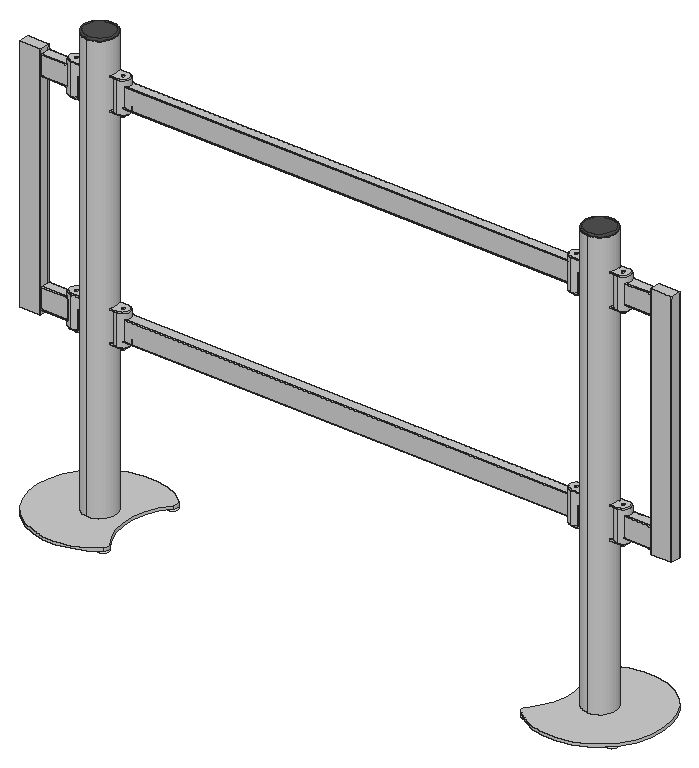
Revit family "PQR-441-ANC", category Furniture, Revit 2021
Family settings
  OmniClass Number = 23.40.20.00
  OmniClass Title = General Furniture and Specialties
  Work Plane-Based = No
  Always vertical = Yes
  Cut with Voids When Loaded = No
  Shared = No
  Room Calculation Point = No
Parameters
  W = 4' - 0"
  Frame [instance] = CEN_Frame_Metallic Silver Powdercoat (MS)
  Model = "PQR-441-ANC"
  End pieces on/off R [instance] = yes
  End pieces on/off L [instance] = yes
  Default Elevation = 0' - 0"
Reference planes (in)
  plane 1 "Center Front/Back": y = 0
  plane 2: z = 0
  plane 3 "Center Left/Right": x = 0
  plane 4: x = -24
  plane 5: x = 24
  plane 6: x = -17.5
  plane 7: x = 17.5
  plane 8: x = 21.5
Forms (in)
  Extrusion 1, solid, material "CEN_Frame_Metallic Silver Powdercoat (MS)" <- "Frame"
    sketch origin (-29.29168, 0.50272, 36.0271) x (0, -1, 0) y (0, 0, 1)
      loop
        line (1, 0) -> (1, 1.78554)
        arc (1, 1.78554) -> (0.98091, 1.83163) -> (0.93482, 1.85072) r 0.06518
        line (0.93482, 1.85072) -> (0.06518, 1.85072)
        arc (0.06518, 1.85072) -> (0.01909, 1.83163) -> (0, 1.78554) r 0.06518
        line (0, 1.78554) -> (0, 0)
        arc (0, 0) -> (0.01909, -0.04609) -> (0.06518, -0.06518) r 0.06518
        line (0.06518, -0.06518) -> (0.93482, -0.06518)
        arc (0.93482, -0.06518) -> (0.98091, -0.04609) -> (1, 0) r 0.06518
      loop
        line (1, -20.08373) -> (1, -18.21446)
        arc (1, -18.21446) -> (0.98091, -18.16837) -> (0.93482, -18.14928) r 0.06518
        line (0.93482, -18.14928) -> (0.06518, -18.14928)
        arc (0.06518, -18.14928) -> (0.01909, -18.16837) -> (0, -18.21446) r 0.06518
        line (0, -18.21446) -> (0, -20.08373)
        arc (0, -20.08373) -> (0.01909, -20.12982) -> (0.06518, -20.14891) r 0.06518
        line (0.06518, -20.14891) -> (0.93482, -20.14891)
        arc (0.93482, -20.14891) -> (0.98091, -20.12982) -> (1, -20.08373) r 0.06518
    from -7.93603 to -50.79168
Dimensions and locks (in)
  equal spacing: plane 4, plane 3 "Center Left/Right", plane 5
  "W": plane 4 to plane 5
  locked: plane 7 to plane 5 at 6.5
  locked: plane 6 to plane 4 at 6.5
  locked: plane 8 to plane 5 at 2.5
  aligned and locked: level to plane 2
  aligned and locked: plane 4 to nested 1
  aligned and locked: nested 2 to plane 5
  aligned and locked: plane 8 to Extrusion 1
Automatic sketch dimensions
  Extrusion 1 sketch curve to nested 1 = 0' - 0.06518"  (x3)
  Extrusion 1 sketch curve to Extrusion 1 sketch curve = 0' - 0.06518"
  radius of Extrusion 1 sketch curve to nested 1 = 0' - 0"  (x4)
Nested families (in)
  nested 1: "PQR-341-post " at (-24, 0, 0) x (0, 1, 0) z (0, 0, 1), END KIT <- "End pieces on/off L", type "PQR-341-post "
  nested 2: "PQR-341-post " at (24, 0, 0) x (0, 1, 0) z (0, 0, 1), END KIT <- "End pieces on/off R", type "PQR-341-post "
Definition of nested family "PQR-341-post "
  Parameters (values of type "PQR-341-post ")
    plastic button = none
    Post = none
    END KIT [instance] = no
    Default Elevation = 0' - 0"
  Types (2): name
    PQR-341-post
    NOT END KIT
  Reference planes (in)
    plane 1 "Center Front/Back": y = 0
    plane 2: z = 0
    plane 3 "Center Left/Right": x = 0
    plane 4: z = 41.62154
    plane 5: z = 41.43404
    plane 6: z = 38.43918
    plane 7: z = 35.46343
    plane 8: z = 38.31958
    plane 9: z = 35.34626
    plane 10: z = 35.0779
    plane 11: z = 34.93741
    plane 12: z = 18.43657
    plane 13: z = 18.31697
    plane 14: z = 38.28685
    plane 15: z = 15.46357
    plane 16: z = 37.79482
    plane 17: z = 17.87782
    plane 18: z = 15.87818
  Forms (in)
    Extrusion 1, solid, material <- "Post"
      sketch origin (-0.02853, -0.08679, 0) x (1, 0, 0) y (0, 1, 0)
        loop
          arc (-3.79412, 4.14027) -> (-4.14981, 4.24664) -> (-4.48079, 4.07846) r 0.5
          arc (-4.48079, 4.07846) -> (0.03357, -5.88186) -> (4.53637, 4.0837) r 6.00161
          arc (4.53637, 4.0837) -> (4.20519, 4.25149) -> (3.84963, 4.14471) r 0.5
          arc (3.84963, 4.14471) -> (0.02853, 2.80874) -> (-3.79412, 4.14027) r 6.14269
      from 0.18657 to 0.43657
    Extrusion 2, solid, material <- "plastic button"
      sketch origin (0, 0, 0) x (1, 0, 0) y (0, 1, 0)
        loop
          circle (0, 0) r 1.5
      from 41.43404 to 41.62154
    Extrusion 3, solid, material <- "Post", visible <- "END KIT"
      sketch origin (0, 0, 0) x (1, 0, 0) y (0, 1, 0)
        loop
          circle (0.00169, -2.23449) r 0.6875
      from 35.46343 to 38.31958
    Extrusion 4, solid, material <- "Post"
      sketch origin (0, 0, 0) x (1, 0, 0) y (0, 1, 0)
        loop
          circle (0.00169, 2.23449) r 0.11265
        loop
          circle (0.00169, -2.23449) r 0.11265
        loop
          line (0.61497, -2.23449) -> (0.61497, 2.23449)
          arc (0.61497, 2.23449) -> (0.00169, 2.84777) -> (-0.61159, 2.23449) r 0.61328
          line (-0.61159, 2.23449) -> (-0.61159, -2.23449)
          arc (-0.61159, -2.23449) -> (0.00169, -2.84777) -> (0.61497, -2.23449) r 0.61328
      from 38.31958 to 38.43918
    Extrusion 5, solid, material <- "Post"
      sketch origin (0, 0, 0) x (1, 0, 0) y (0, 1, 0)
        loop
          circle (0.00169, 2.23449) r 0.11265
        loop
          circle (0.00169, -2.23449) r 0.11265
        loop
          line (0.61497, -2.23449) -> (0.61497, 2.23449)
          arc (0.61497, 2.23449) -> (0.00169, 2.84777) -> (-0.61159, 2.23449) r 0.61328
          line (-0.61159, 2.23449) -> (-0.61159, -2.23449)
          arc (-0.61159, -2.23449) -> (0.00169, -2.84777) -> (0.61497, -2.23449) r 0.61328
      from 35.34626 to 35.46343
    Extrusion 6, solid, material <- "Post"
      sketch origin (0, 0, 0) x (1, 0, 0) y (0, 1, 0)
        loop
          line (0.06349, 1.95369) -> (0.27562, 2.14947) -> (0.21213, 2.43108) -> (-0.06349, 2.5169) -> (-0.27562, 2.32111) -> (-0.21213, 2.0395) -> (0.06349, 1.95369)
        loop
          circle (0.00169, 2.23449) r 0.11265
      from 35.0779 to 35.34626
    Extrusion 7, solid, material <- "Post", visible <- "END KIT"
      sketch origin (0, 0, 0) x (1, 0, 0) y (0, 1, 0)
        loop
          circle (0.00169, -2.23449) r 0.11265
      from 34.93741 to 38.43918
    Sweep 8, void
      path in 3D
        loop
          arc (1.5, 0, 41.62154) -> (0, -1.5, 41.62154) -> (-1.5, 0, 41.62154) r 1.5
          arc (-1.5, 0, 41.62154) -> (0, 1.5, 41.62154) -> (1.5, 0, 41.62154) r 1.5
      profile origin (0, 1.5, 41.62154) x (0, 1, 0) y (0, 0, 1)
        loop
          line (0, -0.12486) -> (0.05983, -0.12486) -> (0.05983, 0) -> (-0.12486, 0)
          arc (-0.12486, 0) -> (-0.03657, -0.03657) -> (0, -0.12486) r 0.12486
    Extrusion 9, solid, material <- "Post"
      sketch origin (0, 0, 0) x (1, 0, 0) y (0, 1, 0)
        loop
          circle (0.00169, 2.23449) r 0.11265
      from 34.93741 to 38.43918
    Extrusion 10, solid, material <- "Post"
      sketch origin (0, 0, -20) x (1, 0, 0) y (0, 1, 0)
        loop
          circle (0.00169, 2.23449) r 0.11265
        loop
          circle (0.00169, -2.23449) r 0.11265
        loop
          line (0.61497, -2.23449) -> (0.61497, 2.23449)
          arc (0.61497, 2.23449) -> (0.00169, 2.84777) -> (-0.61159, 2.23449) r 0.61328
          line (-0.61159, 2.23449) -> (-0.61159, -2.23449)
          arc (-0.61159, -2.23449) -> (0.00169, -2.84777) -> (0.61497, -2.23449) r 0.61328
      from 38.31697 to 38.43657
    Extrusion 11, solid, material <- "Post"
      sketch origin (0, 0, -20) x (1, 0, 0) y (0, 1, 0)
        loop
          circle (0.00169, 2.23449) r 0.11265
        loop
          circle (0.00169, -2.23449) r 0.11265
        loop
          line (0.61497, -2.23449) -> (0.61497, 2.23449)
          arc (0.61497, 2.23449) -> (0.00169, 2.84777) -> (-0.61159, 2.23449) r 0.61328
          line (-0.61159, 2.23449) -> (-0.61159, -2.23449)
          arc (-0.61159, -2.23449) -> (0.00169, -2.84777) -> (0.61497, -2.23449) r 0.61328
      from 35.34365 to 35.46082
    Extrusion 12, solid, material <- "Post", visible <- "END KIT"
      sketch origin (0, 0, -20) x (1, 0, 0) y (0, 1, 0)
        loop
          circle (0.00169, -2.23449) r 0.11265
      from 34.9348 to 38.43657
    Extrusion 13, solid, material <- "Post"
      sketch origin (0, 0, -20) x (1, 0, 0) y (0, 1, 0)
        loop
          circle (0.00169, 2.23449) r 0.11265
      from 34.9348 to 38.43657
    Extrusion 14, solid
      sketch origin (-0.02853, -0.08679, 0) x (1, 0, 0) y (0, 1, 0)
        loop
          circle (-4.10805, 3.76384) r 0.48854
        loop
          circle (4.16511, 3.76384) r 0.48854
        loop
          circle (-3.62282, -3.98401) r 0.48854
        loop
          circle (3.67988, -3.98401) r 0.48854
      from 0 to 0.18657
    Extrusion 15, solid, material <- "Post"
      sketch origin (0, 0, 0) x (1, 0, 0) y (0, 1, 0)
        loop
          circle (0, 0) r 1.5
      from 0.43657 to 41.43404
    Extrusion 16, solid, material <- "Post", visible <- "END KIT"
      sketch origin (0, 0, 0) x (1, 0, 0) y (0, 1, 0)
        loop
          line (0.44955, -5.29168) -> (-0.44411, -5.29168)
          arc (-0.44411, -5.29168) -> (-0.4817, -5.30725) -> (-0.49728, -5.34485) r 0.05317
          line (-0.49728, -5.34485) -> (-0.49728, -7.23851)
          arc (-0.49728, -7.23851) -> (-0.4817, -7.27611) -> (-0.44411, -7.29168) r 0.05317
          line (-0.44411, -7.29168) -> (0.44955, -7.29168)
          arc (0.44955, -7.29168) -> (0.48715, -7.27611) -> (0.50272, -7.23851) r 0.05317
          line (0.50272, -7.23851) -> (0.50272, -5.34485)
          arc (0.50272, -5.34485) -> (0.48715, -5.30725) -> (0.44955, -5.29168) r 0.05317
      from 15.46357 to 38.28685
    Extrusion 17, solid, material <- "Post", visible <- "END KIT"
      sketch origin (0, 0, 0) x (1, 0, 0) y (0, 0, 1)
        loop
          line (-0.43209, 35.96191) -> (0.43754, 35.96191)
          arc (0.43754, 35.96191) -> (0.48363, 35.981) -> (0.50272, 36.0271) r 0.06518
          line (0.50272, 36.0271) -> (0.50272, 37.81264)
          arc (0.50272, 37.81264) -> (0.48363, 37.85873) -> (0.43754, 37.87782) r 0.06518
          line (0.43754, 37.87782) -> (-0.43209, 37.87782)
          arc (-0.43209, 37.87782) -> (-0.47818, 37.85873) -> (-0.49728, 37.81264) r 0.06518
          line (-0.49728, 37.81264) -> (-0.49728, 36.0271)
          arc (-0.49728, 36.0271) -> (-0.47818, 35.981) -> (-0.43209, 35.96191) r 0.06518
        loop
          line (-0.43209, 15.87818) -> (0.43754, 15.87818)
          arc (0.43754, 15.87818) -> (0.48363, 15.89727) -> (0.50272, 15.94336) r 0.06518
          line (0.50272, 15.94336) -> (0.50272, 17.81264)
          arc (0.50272, 17.81264) -> (0.48363, 17.85873) -> (0.43754, 17.87782) r 0.06518
          line (0.43754, 17.87782) -> (-0.43209, 17.87782)
          arc (-0.43209, 17.87782) -> (-0.47818, 17.85873) -> (-0.49728, 17.81264) r 0.06518
          line (-0.49728, 17.81264) -> (-0.49728, 15.94336)
          arc (-0.49728, 15.94336) -> (-0.47818, 15.89727) -> (-0.43209, 15.87818) r 0.06518
      from 2.63684 to 5.29168
    Extrusion 18, solid, material <- "Post"
      sketch origin (0, 0, 0) x (1, 0, 0) y (0, 1, 0)
        loop
          circle (0.00169, 2.23449) r 0.6875
      from 35.46343 to 38.31958
    Extrusion 19, solid, material <- "Post"
      sketch origin (0, 0, -20) x (1, 0, 0) y (0, 1, 0)
        loop
          circle (0.00169, 2.23449) r 0.6875
      from 35.46082 to 38.31697
    Extrusion 20, solid, material <- "Post", visible <- "END KIT"
      sketch origin (0, 0, -20) x (1, 0, 0) y (0, 1, 0)
        loop
          circle (0.00169, -2.23449) r 0.6875
      from 35.46082 to 38.31697
    Extrusion 21, solid, material <- "Post", visible <- "END KIT"
      sketch origin (0, 0, 0) x (1, 0, 0) y (0, 1, 0)
        loop
          line (0.06349, -1.95369) -> (-0.21213, -2.0395) -> (-0.27562, -2.32111) -> (-0.06349, -2.5169) -> (0.21213, -2.43108) -> (0.27562, -2.14947) -> (0.06349, -1.95369)
        loop
          circle (0.00169, -2.23449) r 0.11265
      from 35.0779 to 35.34626
    Extrusion 22, solid, material <- "Post"
      sketch origin (0, 0, -20.00261) x (1, 0, 0) y (0, 1, 0)
        loop
          line (0.06349, 1.95369) -> (0.27562, 2.14947) -> (0.21213, 2.43108) -> (-0.06349, 2.5169) -> (-0.27562, 2.32111) -> (-0.21213, 2.0395) -> (0.06349, 1.95369)
        loop
          circle (0.00169, 2.23449) r 0.11265
      from 35.0779 to 35.34626
    Extrusion 23, solid, material <- "Post", visible <- "END KIT"
      sketch origin (0, 0, -20.00261) x (1, 0, 0) y (0, 1, 0)
        loop
          line (0.06349, -1.95369) -> (-0.21213, -2.0395) -> (-0.27562, -2.32111) -> (-0.06349, -2.5169) -> (0.21213, -2.43108) -> (0.27562, -2.14947) -> (0.06349, -1.95369)
        loop
          circle (0.00169, -2.23449) r 0.11265
      from 35.0779 to 35.34626
  Cuts and joins
    Sweep 8 cuts Extrusion 2
    joined: Extrusion 3, Extrusion 17
  Lines and regions (in)
    sketch lines
      curve 1: arc (-1.5, 0, 41.62154) -> (0, 1.5, 41.62154) -> (1.5, 0, 41.62154) r 1.5
      curve 2: arc (1.5, 0, 41.62154) -> (0, -1.5, 41.62154) -> (-1.5, 0, 41.62154) r 1.5
  Dimensions and locks (in)
    plane 4 to level = 3' - 5.62154"
    locked: plane 4 to plane 5 at 0.1875
    plane 11 to plane 10 to plane 9 to plane 7 to plane 8 to plane 6 = 0' - 0.14049" locked, 0' - 0.26836" locked, 0' - 0 15/128" locked, 0' - 2.85615" locked, 0' - 0.1196" locked
    locked: plane 7 to plane 4 at 6.15811
    locked: plane 14 to plane 15 at 22.82328
    locked: plane 14 to plane 6 at 0.15234
    aligned and locked: level to plane 2
    aligned and locked: plane 4 to Extrusion 2
    aligned and locked: Extrusion 14 to level
    aligned and locked: plane 5 to cut or joined group of Extrusion 2, Sweep 8
    aligned and locked: Extrusion 15 to plane 5
    aligned and locked: plane 5 to Extrusion 15
    aligned and locked: plane 6 to Extrusion 4
    aligned and locked: plane 7 to Extrusion 3  (x2)
    aligned and locked: plane 8 to Extrusion 3
    aligned and locked: plane 11 to Extrusion 7  (x2)
    aligned and locked: plane 11 to Extrusion 9
    aligned and locked: plane 10 to Extrusion 6
    aligned and locked: Extrusion 6 to plane 10
    aligned and locked: plane 9 to Extrusion 5
    aligned and locked: Extrusion 6 to plane 9
    aligned and locked: Extrusion 5 to plane 9  (x2)
    aligned and locked: Extrusion 5 to plane 7
    aligned and locked: plane 7 to Extrusion 5
    aligned and locked: plane 8 to Extrusion 4
    aligned and locked: Extrusion 4 to Extrusion 9
    aligned and locked: Extrusion 7 to plane 6
    aligned and locked: plane 12 to Extrusion 10
    aligned and locked: plane 14 to Extrusion 16
    aligned and locked: plane 15 to Extrusion 16
